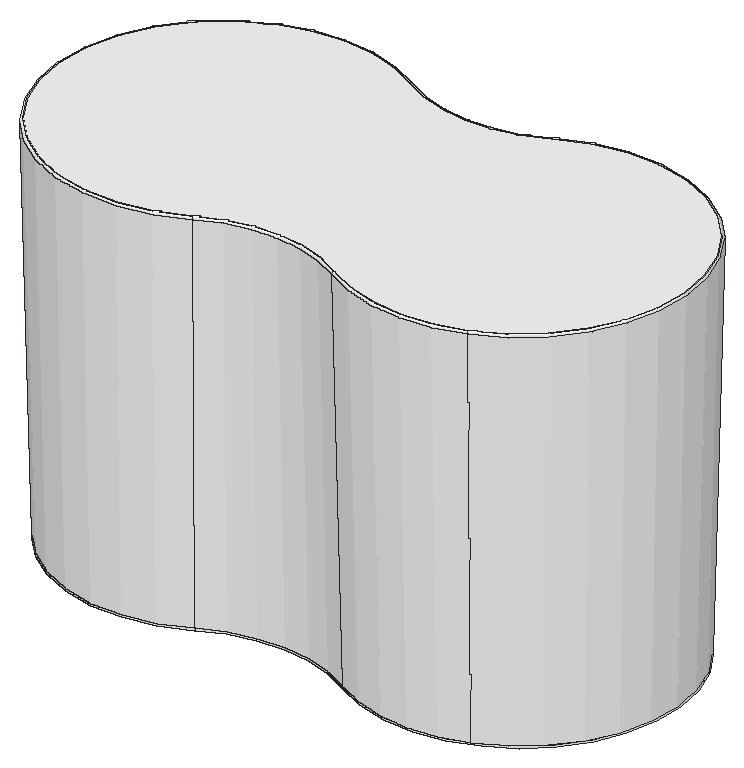
Revit family "INTONO C OUT 3.9", category Lighting Fixtures, host Ceiling, Revit 2020
Family settings
  Host = Ceiling
  Round Connector Dimension = Use Diameter
  Part Type = Normal
  OmniClass Number = 23.80.70.11
  OmniClass Title = Luminaries for Internal Lighting
  Always vertical = Yes
  Cut with Voids When Loaded = No
  Light Source = Yes
  Shared = No
  Room Calculation Point = Yes
Parameters (values of type "INTONO C OUT 3.9 M 20° (3000K CRI90 9W 24Vdc)")
  Wiring = "-"
  Width mm = 85.00 mm
  Weight kg = "1.35 kg"
  Wattage = 5.53379 W
  Vertical rotation max = 0.00°
  URL Technical sheet = "-"
  URL Image = "https://www.lucelight.it/en/prodotto-foto.php/143361"
  URL IES Photometric file = "https://www.lucelight.it/media/prodotti/fotometrie/intono_c_out_3.9_ies.zip"
  URL General code = "https://www.lucelight.it/en/prodotto.php/143361#a-generacodice"
  URL Description = "https://www.lucelight.it/en/capitolato.php/143361"
  URL DXF = "https://www.lucelight.it/media/prodotti/dxf/intono_c_out_3.9.dxf"
  URL Catalogue = "https://www.lucelight.it/media/prodotti/mf_brochure/intono_c_out_brochure_en.pdf"
  URL Accessories and power supply units = "https://www.lucelight.it/en/prodotto.php/143361#a-scheda-accessori"
  URL = "https://www.lucelight.it/en/prodotto.php/143361"
  Trim = L&L_Black glass
  built-in parameter 1150110 = 1 (stored number, unit not read)
  Tilt Angle = -90.00°
  Power supply unit = "not included"
  Power supply = "230Vac"
  Power cables = "-"
  Power = "9W"
  Photometric Web File = "INTONO C OUT 3.9 M 20° [3000K CRI90 9W 24Vdc].IES"
  Optics = "20°"
  Notes = "Version compatible with Google Home or Amazon Echo available on request for voice command control"
  No. and type of led = "1 high power density COB LED, 2-step MacAdam, 50 000h L95 B10 (Ta 25°C)"
  Mounting = "surface mounted (ceiling)"
  Model = "Intono C OUT 3.9"
  Material = "Body in die-cast aluminium, screen in black-serigraphed, tempered, transparent extra-clear glass"
  Manufacturer = "L&L Luce&Light"
  Lumen output at source = "822 lm (3000K, CRI 90), 988 lm (3000K, CRI 80)"
  Lens = L&L_Tempered extra-clear glass
  built-in parameter 1114217 = 1 (stored number, unit not read)
  built-in parameter 1150109 = 1 (stored number, unit not read)
  built-in parameter 1150134 = (empty or 0)
  built-in parameter 1150113 = 1 (stored number, unit not read)
  Lumens = 822 lm
  built-in parameter 1150115 = 1 (stored number, unit not read)
  built-in parameter 1150105 = 65.413 (stored number, unit not read)
  built-in parameter 1150137 = (empty or 0)
  built-in parameter 1150139 = (empty or 0)
  Length mm = 160.00 mm
  built-in parameter 1150112 = 1 (stored number, unit not read)
  built-in parameter 1150114 = 1 (stored number, unit not read)
  LED Colour = "2700K, 3000K, 4000K"
  built-in parameter 1150132 = 2
  built-in parameter 1150102 = (empty or 0)
  built-in parameter 1150138 = (empty or 0)
  built-in parameter 1150107 = 3000 (stored number, unit not read)
  built-in parameter 1150106 = 0.65413 (stored number, unit not read)
  IP = "IP65"
  Horizontal rotation max = 0.00°
  Height mm = 100.00 mm
  Features = "easy installation thanks to 4-point magnetic fastener"
  Energy efficiency class = "A A+ A++"
  Emit from Line Length = 609.60 mm
  built-in parameter 1150104 = 13.8 (stored number, unit not read)
  Dimming Lamp Color Temperature Shift = <None>
  Description = "Ceiling mounted for outdoor applications"
  Delivered lumen output = "649 lm (3000K, 20°, CRI 90), 783 lm (3000K, 20°, CRI 80)"
  Default Elevation = 0.00 mm
  Cutout dimensions = "-"
  Control system = "ON/OFF"
  Contact = "T: +39 0444 360571; E: lucelight@lucelight.it"
  Company = "L&L Luce&Light"
  Color Filter = 16777215
  Code = "-"
  CRI = "CRI 80; CRI >90"
  built-in parameter 1114218 = 1 (stored number, unit not read)
  Body = L&L _Aluminium low copper
  built-in parameter 1150133 = 10 (stored number, unit not read)
Reference planes
  plane 1 "Light Source Axis (F/B)": y = 0
  plane 2 "Ceiling": z = 2438.4
  plane 3 "Light Source Axis (L/R)": x = 0
  plane 4 "Light Source Elevation": z = 2336.8
Dimensions and locks
  equal spacing: host sketch curve, plane 3 "Light Source Axis (L/R)", host sketch curve
  equal spacing: host sketch curve, plane 1 "Light Source Axis (F/B)", host sketch curve
  host sketch curve to host sketch curve = 3048.00 mm  (x2)
  aligned and locked: plane 3 "Light Source Axis (L/R)" to imposter light
  aligned and locked: plane 1 "Light Source Axis (F/B)" to imposter light
  aligned and locked: plane 4 "Light Source Elevation" to imposter light
Nested families
  nested 1: "INTONO C IN 3.9_mod" at (0, 0, 2438.4), type "INTONO C IN 3.9_mod"
Definition of nested family "INTONO C IN 3.9_mod"
  Parameters (values of type "INTONO C IN 3.9_mod")
    Trim = none
    Lens = none
    Default Elevation = 1219.20 mm
    Body = none
    B = none
  Reference planes
    plane 1 "Light Source Axis (F/B)": y = 0
    plane 2: z = 0
    plane 3 "Light Source Axis (L/R)": x = 0
    plane 4 "Light Source Elevation": z = 0
    plane 5: z = 82.5
    plane 6: x = -51.427
    plane 7: x = 51.427
    plane 8: x = 50.013
    plane 9: x = -50.013
    plane 10: z = -100.7
  Forms (mm)
    Sweep 1, solid, material <- "Body", detail levels medium+fine
      path origin (0, 0, 0) x (0, 1, 0) y (-1, 0, 0)
        loop
          arc (36.903, 18.694) -> (42.54, 37.522) -> (39.127, 56.877) r 42.612
          arc (39.127, 56.877) -> (-19.124, 78.08) -> (-36.903, 18.694) r 42.612
          arc (-36.903, 18.694) -> (-31.894, 0) -> (-36.903, -18.694) r 37.388
          arc (-36.903, -18.694) -> (-42.54, -37.522) -> (-39.127, -56.877) r 42.612
          arc (-39.127, -56.877) -> (19.124, -78.08) -> (36.903, -18.694) r 42.612
          arc (36.903, -18.694) -> (31.894, 0) -> (36.903, 18.694) r 37.388
      profile origin (-37.522, 42.54, 0) x (-0.05815, -0.998308, 0) y (0, 0, 1)
        loop
          line (0, -0.593) -> (2.488, -100.2) -> (3.366, -100.2) -> (5.058, -100.2) -> (0.566, -0.001)
          arc (0.566, -0.001) -> (0.164, -0.183) -> (0, -0.593) r 0.593
    Extrusion 2, solid, material <- "Body", detail levels coarse
      sketch origin (67.536, 184.895, -80.493) x (0, 1, 0) y (-1, 0, 0)
        loop
          arc (-147.719, 128.363) -> (-205.962, 144.577) -> (-221.798, 86.23) r 42.612
          arc (-221.798, 86.23) -> (-216.789, 67.536) -> (-221.798, 48.842) r 37.388
          arc (-221.798, 48.842) -> (-227.506, 27.812) -> (-222.071, 6.71) r 42.612
          arc (-222.071, 6.71) -> (-163.828, -9.504) -> (-147.992, 48.842) r 42.612
          arc (-147.992, 48.842) -> (-153.001, 67.536) -> (-147.992, 86.23) r 37.388
          arc (-147.992, 86.23) -> (-142.284, 107.261) -> (-147.719, 128.363) r 42.612
      from -20.207 to 80.493
    Extrusion 3, solid, material <- "Body", detail levels medium+fine
      sketch origin (0, 0, -2) x (0, 1, 0) y (-1, 0, 0)
        loop
          arc (-36.413, 18.977) -> (-31.328, 0) -> (-36.413, -18.977) r 37.954
          arc (-36.413, -18.977) -> (-41.974, -37.555) -> (-38.607, -56.653) r 42.046
          arc (-38.607, -56.653) -> (18.87, -77.573) -> (36.413, -18.977) r 42.046
          arc (36.413, -18.977) -> (31.328, 0) -> (36.413, 18.977) r 37.954
          arc (36.413, 18.977) -> (41.974, 37.555) -> (38.607, 56.653) r 42.046
          arc (38.607, 56.653) -> (-18.87, 77.573) -> (-36.413, 18.977) r 42.046
      from 0 to 2
    Extrusion 4, solid, material <- "Body", detail levels medium+fine
      sketch origin (-25, 0, -100.2) x (0.879138, 0.476568, 0) y (0.476568, -0.879138, 0)
        loop
          arc (90.792, 9.061) -> (78.606, 64.917) -> (22.919, 51.982) r 40.156
          arc (22.919, 51.982) -> (7.949, 37.795) -> (-12.109, 32.993) r 39.844
          arc (-12.109, 32.993) -> (-31.849, 28.408) -> (-46.836, 14.767) r 40.156
          arc (-46.836, 14.767) -> (-34.649, -41.088) -> (21.038, -28.153) r 40.156
          arc (21.038, -28.153) -> (36.008, -13.966) -> (56.066, -9.165) r 39.844
          arc (56.066, -9.165) -> (75.805, -4.58) -> (90.792, 9.061) r 40.156
        loop
          circle (57.144, 30.977) r 36.141
        loop
          circle (-13.187, -7.149) r 36.141
      from 0 to 0.5
    Extrusion 5, solid, material <- "B", detail levels fine
      sketch origin (-25, 0, -100.2) x (0.879138, 0.476568, 0) y (0.476568, -0.879138, 0)
        loop
          circle (-13.187, -7.149) r 36.141
        loop
          circle (57.144, 30.977) r 36.141
        loop
          circle (57.144, 30.977) r 30
        loop
          line (-28.602, 12.386) -> (-29.029, 10.948) -> (-27.591, 10.521) -> (-27.164, 11.959) -> (-28.602, 12.386)
        loop
          line (-24.872, 14.408) -> (-25.299, 12.97) -> (-23.861, 12.543) -> (-23.434, 13.981) -> (-24.872, 14.408)
        loop
          line (-21.143, 16.43) -> (-21.57, 14.992) -> (-20.132, 14.565) -> (-19.705, 16.003) -> (-21.143, 16.43)
        loop
          line (-33.227, 7.5) -> (-33.654, 6.062) -> (-32.216, 5.635) -> (-31.789, 7.073) -> (-33.227, 7.5)
        loop
          line (-29.456, 9.51) -> (-29.883, 8.072) -> (-28.445, 7.645) -> (-28.018, 9.083) -> (-29.456, 9.51)
        loop
          line (-27.434, 5.78) -> (-27.861, 4.342) -> (-26.423, 3.915) -> (-25.996, 5.353) -> (-27.434, 5.78)
        loop
          line (-25.412, 2.05) -> (-25.839, 0.612) -> (-24.401, 0.185) -> (-23.974, 1.623) -> (-25.412, 2.05)
        loop
          line (-23.391, -1.68) -> (-23.817, -3.118) -> (-22.38, -3.545) -> (-21.953, -2.107) -> (-23.391, -1.68)
        loop
          line (-21.369, -5.41) -> (-21.796, -6.848) -> (-20.358, -7.274) -> (-19.931, -5.837) -> (-21.369, -5.41)
        loop
          line (-19.347, -9.139) -> (-19.774, -10.577) -> (-18.336, -11.004) -> (-17.909, -9.566) -> (-19.347, -9.139)
        loop
          line (-17.325, -12.869) -> (-17.752, -14.307) -> (-16.314, -14.734) -> (-15.887, -13.296) -> (-17.325, -12.869)
        loop
          line (-15.303, -16.599) -> (-15.73, -18.037) -> (-14.292, -18.464) -> (-13.865, -17.026) -> (-15.303, -16.599)
        loop
          line (-13.281, -20.329) -> (-13.708, -21.767) -> (-12.27, -22.194) -> (-11.843, -20.756) -> (-13.281, -20.329)
        loop
          line (-11.259, -24.059) -> (-11.686, -25.497) -> (-10.248, -25.924) -> (-9.821, -24.486) -> (-11.259, -24.059)
        loop
          line (-9.237, -27.789) -> (-9.664, -29.227) -> (-8.226, -29.654) -> (-7.799, -28.216) -> (-9.237, -27.789)
        loop
          line (-26.58, 8.656) -> (-27.007, 7.218) -> (-25.569, 6.791) -> (-25.142, 8.229) -> (-26.58, 8.656)
        loop
          line (-24.558, 4.926) -> (-24.985, 3.488) -> (-23.547, 3.061) -> (-23.121, 4.499) -> (-24.558, 4.926)
        loop
          line (-22.537, 1.196) -> (-22.964, -0.242) -> (-21.526, -0.669) -> (-21.099, 0.769) -> (-22.537, 1.196)
        loop
          line (-20.515, -2.534) -> (-20.942, -3.972) -> (-19.504, -4.399) -> (-19.077, -2.961) -> (-20.515, -2.534)
        loop
          line (-18.493, -6.264) -> (-18.92, -7.702) -> (-17.482, -8.129) -> (-17.055, -6.691) -> (-18.493, -6.264)
        loop
          line (-16.471, -9.993) -> (-16.898, -11.431) -> (-15.46, -11.858) -> (-15.033, -10.42) -> (-16.471, -9.993)
        loop
          line (-14.449, -13.723) -> (-14.876, -15.161) -> (-13.438, -15.588) -> (-13.011, -14.15) -> (-14.449, -13.723)
        loop
          line (-12.427, -17.453) -> (-12.854, -18.891) -> (-11.416, -19.318) -> (-10.989, -17.88) -> (-12.427, -17.453)
        loop
          line (-10.405, -21.183) -> (-10.832, -22.621) -> (-9.394, -23.048) -> (-8.967, -21.61) -> (-10.405, -21.183)
        loop
          line (-8.383, -24.913) -> (-8.81, -26.351) -> (-7.372, -26.778) -> (-6.945, -25.34) -> (-8.383, -24.913)
        loop
          line (-23.707, 7.802) -> (-24.134, 6.365) -> (-22.696, 5.938) -> (-22.269, 7.375) -> (-23.707, 7.802)
        loop
          line (-21.685, 4.073) -> (-22.112, 2.635) -> (-20.674, 2.208) -> (-20.247, 3.646) -> (-21.685, 4.073)
        loop
          line (-19.663, 0.343) -> (-20.09, -1.095) -> (-18.652, -1.522) -> (-18.225, -0.084) -> (-19.663, 0.343)
        loop
          line (-17.641, -3.387) -> (-18.068, -4.825) -> (-16.63, -5.252) -> (-16.203, -3.814) -> (-17.641, -3.387)
        loop
          line (-15.619, -7.117) -> (-16.046, -8.555) -> (-14.608, -8.982) -> (-14.181, -7.544) -> (-15.619, -7.117)
        loop
          line (-13.597, -10.847) -> (-14.024, -12.285) -> (-12.586, -12.712) -> (-12.159, -11.274) -> (-13.597, -10.847)
        loop
          line (-11.575, -14.577) -> (-12.002, -16.015) -> (-10.564, -16.442) -> (-10.137, -15.004) -> (-11.575, -14.577)
        loop
          line (-9.553, -18.307) -> (-9.98, -19.745) -> (-8.542, -20.172) -> (-8.115, -18.734) -> (-9.553, -18.307)
        loop
          line (-7.531, -22.036) -> (-7.958, -23.474) -> (-6.52, -23.901) -> (-6.093, -22.463) -> (-7.531, -22.036)
        loop
          line (-5.509, -25.766) -> (-5.936, -27.204) -> (-4.498, -27.631) -> (-4.071, -26.193) -> (-5.509, -25.766)
        loop
          line (-22.847, 10.698) -> (-23.274, 9.26) -> (-21.836, 8.833) -> (-21.409, 10.271) -> (-22.847, 10.698)
        loop
          line (-20.825, 6.968) -> (-21.252, 5.53) -> (-19.814, 5.103) -> (-19.387, 6.541) -> (-20.825, 6.968)
        loop
          line (-18.803, 3.238) -> (-19.23, 1.8) -> (-17.792, 1.373) -> (-17.365, 2.811) -> (-18.803, 3.238)
        loop
          line (-16.781, -0.492) -> (-17.208, -1.93) -> (-15.77, -2.357) -> (-15.343, -0.919) -> (-16.781, -0.492)
        loop
          line (-14.759, -4.221) -> (-15.186, -5.659) -> (-13.748, -6.086) -> (-13.321, -4.648) -> (-14.759, -4.221)
        loop
          line (-12.737, -7.951) -> (-13.164, -9.389) -> (-11.726, -9.816) -> (-11.299, -8.378) -> (-12.737, -7.951)
        loop
          line (-10.715, -11.681) -> (-11.142, -13.119) -> (-9.704, -13.546) -> (-9.277, -12.108) -> (-10.715, -11.681)
        loop
          line (-8.693, -15.411) -> (-9.12, -16.849) -> (-7.682, -17.276) -> (-7.255, -15.838) -> (-8.693, -15.411)
        loop
          line (-6.671, -19.141) -> (-7.098, -20.579) -> (-5.661, -21.006) -> (-5.234, -19.568) -> (-6.671, -19.141)
        loop
          line (-4.65, -22.871) -> (-5.077, -24.309) -> (-3.639, -24.736) -> (-3.212, -23.298) -> (-4.65, -22.871)
        loop
          line (-19.948, 9.837) -> (-20.375, 8.399) -> (-18.937, 7.972) -> (-18.51, 9.41) -> (-19.948, 9.837)
        loop
          line (-17.926, 6.107) -> (-18.353, 4.67) -> (-16.915, 4.243) -> (-16.488, 5.68) -> (-17.926, 6.107)
        loop
          line (-15.905, 2.378) -> (-16.332, 0.94) -> (-14.894, 0.513) -> (-14.467, 1.951) -> (-15.905, 2.378)
        loop
          line (-13.883, -1.352) -> (-14.31, -2.79) -> (-12.872, -3.217) -> (-12.445, -1.779) -> (-13.883, -1.352)
        loop
          line (-11.861, -5.082) -> (-12.288, -6.52) -> (-10.85, -6.947) -> (-10.423, -5.509) -> (-11.861, -5.082)
        loop
          line (-9.839, -8.812) -> (-10.266, -10.25) -> (-8.828, -10.677) -> (-8.401, -9.239) -> (-9.839, -8.812)
        loop
          line (-7.817, -12.542) -> (-8.244, -13.98) -> (-6.806, -14.407) -> (-6.379, -12.969) -> (-7.817, -12.542)
        loop
          line (-5.795, -16.272) -> (-6.222, -17.71) -> (-4.784, -18.137) -> (-4.357, -16.699) -> (-5.795, -16.272)
        loop
          line (-3.773, -20.002) -> (-4.2, -21.44) -> (-2.762, -21.867) -> (-2.335, -20.429) -> (-3.773, -20.002)
        loop
          line (-1.751, -23.731) -> (-2.178, -25.169) -> (-0.74, -25.596) -> (-0.313, -24.158) -> (-1.751, -23.731)
        loop
          line (-19.1, 12.693) -> (-19.527, 11.256) -> (-18.089, 10.829) -> (-17.662, 12.266) -> (-19.1, 12.693)
        loop
          line (-17.078, 8.964) -> (-17.505, 7.526) -> (-16.067, 7.099) -> (-15.64, 8.537) -> (-17.078, 8.964)
        loop
          line (-15.056, 5.234) -> (-15.483, 3.796) -> (-14.045, 3.369) -> (-13.618, 4.807) -> (-15.056, 5.234)
        loop
          line (-13.034, 1.504) -> (-13.461, 0.066) -> (-12.024, -0.361) -> (-11.597, 1.077) -> (-13.034, 1.504)
        loop
          line (-11.013, -2.226) -> (-11.44, -3.664) -> (-10.002, -4.091) -> (-9.575, -2.653) -> (-11.013, -2.226)
        loop
          line (-8.991, -5.956) -> (-9.418, -7.394) -> (-7.98, -7.821) -> (-7.553, -6.383) -> (-8.991, -5.956)
        loop
          line (-6.969, -9.686) -> (-7.396, -11.124) -> (-5.958, -11.551) -> (-5.531, -10.113) -> (-6.969, -9.686)
        loop
          line (-4.947, -13.416) -> (-5.374, -14.854) -> (-3.936, -15.281) -> (-3.509, -13.843) -> (-4.947, -13.416)
        loop
          line (-2.925, -17.145) -> (-3.352, -18.583) -> (-1.914, -19.01) -> (-1.487, -17.572) -> (-2.925, -17.145)
        loop
          line (-0.903, -20.875) -> (-1.33, -22.313) -> (0.108, -22.74) -> (0.535, -21.302) -> (-0.903, -20.875)
        loop
          line (-15.397, 14.701) -> (-15.824, 13.263) -> (-14.386, 12.836) -> (-13.959, 14.274) -> (-15.397, 14.701)
        loop
          line (-13.375, 10.971) -> (-13.802, 9.533) -> (-12.364, 9.106) -> (-11.937, 10.544) -> (-13.375, 10.971)
        loop
          line (-11.353, 7.241) -> (-11.78, 5.803) -> (-10.342, 5.376) -> (-9.915, 6.814) -> (-11.353, 7.241)
        loop
          line (-9.331, 3.511) -> (-9.758, 2.073) -> (-8.32, 1.646) -> (-7.893, 3.084) -> (-9.331, 3.511)
        loop
          line (-7.309, -0.218) -> (-7.736, -1.656) -> (-6.298, -2.083) -> (-5.871, -0.645) -> (-7.309, -0.218)
        loop
          line (-5.287, -3.948) -> (-5.714, -5.386) -> (-4.276, -5.813) -> (-3.849, -4.375) -> (-5.287, -3.948)
        loop
          line (-3.265, -7.678) -> (-3.692, -9.116) -> (-2.254, -9.543) -> (-1.827, -8.105) -> (-3.265, -7.678)
        loop
          line (-1.244, -11.408) -> (-1.671, -12.846) -> (-0.233, -13.273) -> (0.194, -11.835) -> (-1.244, -11.408)
        loop
          line (0.778, -15.138) -> (0.351, -16.576) -> (1.789, -17.003) -> (2.216, -15.565) -> (0.778, -15.138)
        loop
          line (2.8, -18.868) -> (2.373, -20.306) -> (3.811, -20.733) -> (4.238, -19.295) -> (2.8, -18.868)
        loop
          line (-14.536, 17.6) -> (-14.963, 16.162) -> (-13.525, 15.735) -> (-13.098, 17.173) -> (-14.536, 17.6)
        loop
          line (-12.514, 13.87) -> (-12.941, 12.432) -> (-11.503, 12.005) -> (-11.076, 13.443) -> (-12.514, 13.87)
        loop
          line (-10.492, 10.14) -> (-10.919, 8.702) -> (-9.481, 8.275) -> (-9.054, 9.713) -> (-10.492, 10.14)
        loop
          line (-8.47, 6.41) -> (-8.897, 4.972) -> (-7.459, 4.545) -> (-7.033, 5.983) -> (-8.47, 6.41)
        loop
          line (-6.449, 2.68) -> (-6.876, 1.242) -> (-5.438, 0.815) -> (-5.011, 2.253) -> (-6.449, 2.68)
        loop
          line (-4.427, -1.05) -> (-4.854, -2.488) -> (-3.416, -2.915) -> (-2.989, -1.477) -> (-4.427, -1.05)
        loop
          line (-2.405, -4.78) -> (-2.832, -6.218) -> (-1.394, -6.645) -> (-0.967, -5.207) -> (-2.405, -4.78)
        loop
          line (-0.383, -8.51) -> (-0.81, -9.947) -> (0.628, -10.374) -> (1.055, -8.937) -> (-0.383, -8.51)
        loop
          line (1.639, -12.239) -> (1.212, -13.677) -> (2.65, -14.104) -> (3.077, -12.666) -> (1.639, -12.239)
        loop
          line (3.661, -15.969) -> (3.234, -17.407) -> (4.672, -17.834) -> (5.099, -16.396) -> (3.661, -15.969)
        loop
          line (-11.662, 16.739) -> (-12.089, 15.301) -> (-10.651, 14.874) -> (-10.224, 16.312) -> (-11.662, 16.739)
        loop
          line (-9.64, 13.009) -> (-10.067, 11.571) -> (-8.629, 11.144) -> (-8.202, 12.582) -> (-9.64, 13.009)
        loop
          line (-7.618, 9.279) -> (-8.045, 7.842) -> (-6.607, 7.415) -> (-6.18, 8.853) -> (-7.618, 9.279)
        loop
          line (-5.596, 5.55) -> (-6.023, 4.112) -> (-4.585, 3.685) -> (-4.158, 5.123) -> (-5.596, 5.55)
        loop
          line (-3.575, 1.82) -> (-4.002, 0.382) -> (-2.564, -0.045) -> (-2.137, 1.393) -> (-3.575, 1.82)
        loop
          line (-1.553, -1.91) -> (-1.98, -3.348) -> (-0.542, -3.775) -> (-0.115, -2.337) -> (-1.553, -1.91)
        loop
          line (0.469, -5.64) -> (0.042, -7.078) -> (1.48, -7.505) -> (1.907, -6.067) -> (0.469, -5.64)
        loop
          line (2.491, -9.37) -> (2.064, -10.808) -> (3.502, -11.235) -> (3.929, -9.797) -> (2.491, -9.37)
        loop
          line (4.513, -13.1) -> (4.086, -14.538) -> (5.524, -14.965) -> (5.951, -13.527) -> (4.513, -13.1)
        loop
          line (-8.78, 15.883) -> (-9.207, 14.445) -> (-7.769, 14.018) -> (-7.342, 15.456) -> (-8.78, 15.883)
        loop
          line (-6.758, 12.154) -> (-7.185, 10.716) -> (-5.747, 10.289) -> (-5.32, 11.727) -> (-6.758, 12.154)
        loop
          line (-4.736, 8.424) -> (-5.163, 6.986) -> (-3.725, 6.559) -> (-3.298, 7.997) -> (-4.736, 8.424)
        loop
          line (-2.714, 4.694) -> (-3.141, 3.256) -> (-1.703, 2.829) -> (-1.276, 4.267) -> (-2.714, 4.694)
        loop
          line (-0.692, 0.964) -> (-1.119, -0.474) -> (0.319, -0.901) -> (0.746, 0.537) -> (-0.692, 0.964)
        loop
          line (1.33, -2.766) -> (0.903, -4.204) -> (2.34, -4.631) -> (2.767, -3.193) -> (1.33, -2.766)
        loop
          line (3.351, -6.496) -> (2.924, -7.934) -> (4.362, -8.361) -> (4.789, -6.923) -> (3.351, -6.496)
        loop
          line (5.373, -10.226) -> (4.946, -11.664) -> (6.384, -12.091) -> (6.811, -10.653) -> (5.373, -10.226)
        loop
          line (7.395, -13.956) -> (6.968, -15.393) -> (8.406, -15.82) -> (8.833, -14.383) -> (7.395, -13.956)
        loop
          line (-18.249, 15.561) -> (-18.676, 14.123) -> (-17.238, 13.697) -> (-16.811, 15.134) -> (-18.249, 15.561)
        loop
          line (-16.227, 11.832) -> (-16.654, 10.394) -> (-15.216, 9.967) -> (-14.789, 11.405) -> (-16.227, 11.832)
        loop
          line (-14.205, 8.102) -> (-14.632, 6.664) -> (-13.194, 6.237) -> (-12.767, 7.675) -> (-14.205, 8.102)
        loop
          line (-12.183, 4.372) -> (-12.61, 2.934) -> (-11.172, 2.507) -> (-10.745, 3.945) -> (-12.183, 4.372)
        loop
          line (-10.161, 0.642) -> (-10.588, -0.796) -> (-9.15, -1.223) -> (-8.723, 0.215) -> (-10.161, 0.642)
        loop
          line (-8.139, -3.088) -> (-8.566, -4.526) -> (-7.128, -4.953) -> (-6.701, -3.515) -> (-8.139, -3.088)
        loop
          line (-6.117, -6.818) -> (-6.544, -8.256) -> (-5.106, -8.683) -> (-4.679, -7.245) -> (-6.117, -6.818)
        loop
          line (-4.095, -10.548) -> (-4.522, -11.986) -> (-3.084, -12.413) -> (-2.657, -10.975) -> (-4.095, -10.548)
        loop
          line (-2.073, -14.277) -> (-2.5, -15.715) -> (-1.062, -16.142) -> (-0.635, -14.704) -> (-2.073, -14.277)
        loop
          line (-0.051, -18.007) -> (-0.478, -19.445) -> (0.96, -19.872) -> (1.387, -18.434) -> (-0.051, -18.007)
        loop
          line (-30.31, 6.634) -> (-30.737, 5.196) -> (-29.299, 4.769) -> (-28.872, 6.207) -> (-30.31, 6.634)
        loop
          line (-28.288, 2.904) -> (-28.715, 1.466) -> (-27.277, 1.039) -> (-26.85, 2.477) -> (-28.288, 2.904)
        loop
          line (-26.266, -0.826) -> (-26.693, -2.264) -> (-25.255, -2.691) -> (-24.828, -1.253) -> (-26.266, -0.826)
        loop
          line (-24.244, -4.556) -> (-24.671, -5.994) -> (-23.234, -6.421) -> (-22.807, -4.983) -> (-24.244, -4.556)
        loop
          line (-22.223, -8.285) -> (-22.65, -9.723) -> (-21.212, -10.15) -> (-20.785, -8.712) -> (-22.223, -8.285)
        loop
          line (-20.201, -12.015) -> (-20.628, -13.453) -> (-19.19, -13.88) -> (-18.763, -12.442) -> (-20.201, -12.015)
        loop
          line (-18.179, -15.745) -> (-18.606, -17.183) -> (-17.168, -17.61) -> (-16.741, -16.172) -> (-18.179, -15.745)
        loop
          line (-16.157, -19.475) -> (-16.584, -20.913) -> (-15.146, -21.34) -> (-14.719, -19.902) -> (-16.157, -19.475)
        loop
          line (-14.135, -23.205) -> (-14.562, -24.643) -> (-13.124, -25.07) -> (-12.697, -23.632) -> (-14.135, -23.205)
        loop
          line (-12.113, -26.935) -> (-12.54, -28.373) -> (-11.102, -28.8) -> (-10.675, -27.362) -> (-12.113, -26.935)
        loop
          line (-31.136, 3.75) -> (-31.563, 2.312) -> (-30.125, 1.885) -> (-29.698, 3.323) -> (-31.136, 3.75)
        loop
          line (-29.114, 0.02) -> (-29.541, -1.418) -> (-28.103, -1.845) -> (-27.676, -0.407) -> (-29.114, 0.02)
        loop
          line (-27.093, -3.71) -> (-27.52, -5.148) -> (-26.082, -5.575) -> (-25.655, -4.137) -> (-27.093, -3.71)
        loop
          line (-25.071, -7.44) -> (-25.498, -8.878) -> (-24.06, -9.305) -> (-23.633, -7.867) -> (-25.071, -7.44)
        loop
          line (-23.049, -11.17) -> (-23.476, -12.608) -> (-22.038, -13.035) -> (-21.611, -11.597) -> (-23.049, -11.17)
        loop
          line (-21.027, -14.899) -> (-21.454, -16.337) -> (-20.016, -16.764) -> (-19.589, -15.326) -> (-21.027, -14.899)
        loop
          line (-19.005, -18.629) -> (-19.432, -20.067) -> (-17.994, -20.494) -> (-17.567, -19.056) -> (-19.005, -18.629)
        loop
          line (-16.983, -22.359) -> (-17.41, -23.797) -> (-15.972, -24.224) -> (-15.545, -22.786) -> (-16.983, -22.359)
        loop
          line (-14.961, -26.089) -> (-15.388, -27.527) -> (-13.95, -27.954) -> (-13.523, -26.516) -> (-14.961, -26.089)
        loop
          line (-34.024, 4.564) -> (-34.451, 3.126) -> (-33.013, 2.699) -> (-32.586, 4.137) -> (-34.024, 4.564)
        loop
          line (-32.002, 0.834) -> (-32.429, -0.604) -> (-30.991, -1.031) -> (-30.564, 0.407) -> (-32.002, 0.834)
        loop
          line (-29.98, -2.896) -> (-30.407, -4.334) -> (-28.969, -4.761) -> (-28.542, -3.323) -> (-29.98, -2.896)
        loop
          line (-27.958, -6.626) -> (-28.385, -8.064) -> (-26.947, -8.491) -> (-26.52, -7.053) -> (-27.958, -6.626)
        loop
          line (-25.936, -10.355) -> (-26.363, -11.793) -> (-24.925, -12.22) -> (-24.498, -10.782) -> (-25.936, -10.355)
        loop
          line (-23.915, -14.085) -> (-24.342, -15.523) -> (-22.904, -15.95) -> (-22.477, -14.512) -> (-23.915, -14.085)
        loop
          line (-21.893, -17.815) -> (-22.32, -19.253) -> (-20.882, -19.68) -> (-20.455, -18.242) -> (-21.893, -17.815)
        loop
          line (-19.871, -21.545) -> (-20.298, -22.983) -> (-18.86, -23.41) -> (-18.433, -21.972) -> (-19.871, -21.545)
        loop
          line (-17.849, -25.275) -> (-18.276, -26.713) -> (-16.838, -27.14) -> (-16.411, -25.702) -> (-17.849, -25.275)
        loop
          line (-15.827, -29.005) -> (-16.254, -30.443) -> (-14.816, -30.87) -> (-14.389, -29.432) -> (-15.827, -29.005)
        loop
          line (-34.877, 1.688) -> (-35.304, 0.25) -> (-33.866, -0.177) -> (-33.439, 1.261) -> (-34.877, 1.688)
        loop
          line (-32.855, -2.042) -> (-33.282, -3.48) -> (-31.844, -3.907) -> (-31.417, -2.469) -> (-32.855, -2.042)
        loop
          line (-30.833, -5.772) -> (-31.26, -7.21) -> (-29.822, -7.637) -> (-29.395, -6.199) -> (-30.833, -5.772)
        loop
          line (-28.811, -9.502) -> (-29.238, -10.94) -> (-27.801, -11.367) -> (-27.374, -9.929) -> (-28.811, -9.502)
        loop
          line (-26.79, -13.232) -> (-27.217, -14.67) -> (-25.779, -15.096) -> (-25.352, -13.659) -> (-26.79, -13.232)
        loop
          line (-24.768, -16.961) -> (-25.195, -18.399) -> (-23.757, -18.826) -> (-23.33, -17.388) -> (-24.768, -16.961)
        loop
          line (-22.746, -20.691) -> (-23.173, -22.129) -> (-21.735, -22.556) -> (-21.308, -21.118) -> (-22.746, -20.691)
        loop
          line (-20.724, -24.421) -> (-21.151, -25.859) -> (-19.713, -26.286) -> (-19.286, -24.848) -> (-20.724, -24.421)
        loop
          line (-18.702, -28.151) -> (-19.129, -29.589) -> (-17.691, -30.016) -> (-17.264, -28.578) -> (-18.702, -28.151)
        loop
          line (-35.731, -1.188) -> (-36.158, -2.626) -> (-34.72, -3.053) -> (-34.293, -1.615) -> (-35.731, -1.188)
        loop
          line (-33.709, -4.918) -> (-34.136, -6.356) -> (-32.698, -6.783) -> (-32.271, -5.345) -> (-33.709, -4.918)
        loop
          line (-31.687, -8.648) -> (-32.114, -10.086) -> (-30.676, -10.513) -> (-30.249, -9.075) -> (-31.687, -8.648)
        loop
          line (-29.665, -12.378) -> (-30.092, -13.816) -> (-28.655, -14.243) -> (-28.228, -12.805) -> (-29.665, -12.378)
        loop
          line (-27.644, -16.107) -> (-28.071, -17.545) -> (-26.633, -17.972) -> (-26.206, -16.534) -> (-27.644, -16.107)
        loop
          line (-25.622, -19.837) -> (-26.049, -21.275) -> (-24.611, -21.702) -> (-24.184, -20.264) -> (-25.622, -19.837)
        loop
          line (-23.6, -23.567) -> (-24.027, -25.005) -> (-22.589, -25.432) -> (-22.162, -23.994) -> (-23.6, -23.567)
        loop
          line (-21.578, -27.297) -> (-22.005, -28.735) -> (-20.567, -29.162) -> (-20.14, -27.724) -> (-21.578, -27.297)
        loop
          line (-36.628, -4.051) -> (-37.055, -5.489) -> (-35.617, -5.916) -> (-35.19, -4.478) -> (-36.628, -4.051)
        loop
          line (-34.606, -7.781) -> (-35.033, -9.219) -> (-33.595, -9.646) -> (-33.168, -8.208) -> (-34.606, -7.781)
        loop
          line (-32.584, -11.511) -> (-33.011, -12.949) -> (-31.573, -13.376) -> (-31.146, -11.938) -> (-32.584, -11.511)
        loop
          line (-30.562, -15.241) -> (-30.989, -16.679) -> (-29.551, -17.106) -> (-29.124, -15.668) -> (-30.562, -15.241)
        loop
          line (-28.54, -18.971) -> (-28.967, -20.409) -> (-27.529, -20.836) -> (-27.102, -19.398) -> (-28.54, -18.971)
        loop
          line (-26.518, -22.7) -> (-26.945, -24.138) -> (-25.507, -24.565) -> (-25.08, -23.127) -> (-26.518, -22.7)
        loop
          line (-24.497, -26.43) -> (-24.924, -27.868) -> (-23.486, -28.295) -> (-23.059, -26.857) -> (-24.497, -26.43)
        loop
          line (-37.449, -6.937) -> (-37.876, -8.375) -> (-36.438, -8.802) -> (-36.011, -7.364) -> (-37.449, -6.937)
        loop
          line (-35.427, -10.667) -> (-35.854, -12.105) -> (-34.416, -12.532) -> (-33.989, -11.094) -> (-35.427, -10.667)
        loop
          line (-33.406, -14.396) -> (-33.833, -15.834) -> (-32.395, -16.261) -> (-31.968, -14.823) -> (-33.406, -14.396)
        loop
          line (-31.384, -18.126) -> (-31.811, -19.564) -> (-30.373, -19.991) -> (-29.946, -18.553) -> (-31.384, -18.126)
        loop
          line (-29.362, -21.856) -> (-29.789, -23.294) -> (-28.351, -23.721) -> (-27.924, -22.283) -> (-29.362, -21.856)
        loop
          line (-27.34, -25.586) -> (-27.767, -27.024) -> (-26.329, -27.451) -> (-25.902, -26.013) -> (-27.34, -25.586)
        loop
          line (-36.264, -13.485) -> (-36.691, -14.923) -> (-35.253, -15.35) -> (-34.826, -13.912) -> (-36.264, -13.485)
        loop
          line (-34.242, -17.215) -> (-34.669, -18.653) -> (-33.231, -19.08) -> (-32.804, -17.642) -> (-34.242, -17.215)
        loop
          line (-32.221, -20.945) -> (-32.648, -22.383) -> (-31.21, -22.81) -> (-30.783, -21.372) -> (-32.221, -20.945)
        loop
          line (-5.912, 15.032) -> (-6.339, 13.594) -> (-4.901, 13.167) -> (-4.474, 14.605) -> (-5.912, 15.032)
        loop
          line (-3.89, 11.302) -> (-4.317, 9.864) -> (-2.879, 9.437) -> (-2.452, 10.875) -> (-3.89, 11.302)
        loop
          line (-1.868, 7.572) -> (-2.295, 6.134) -> (-0.857, 5.707) -> (-0.43, 7.145) -> (-1.868, 7.572)
        loop
          line (0.154, 3.842) -> (-0.273, 2.404) -> (1.164, 1.977) -> (1.591, 3.415) -> (0.154, 3.842)
        loop
          line (2.175, 0.112) -> (1.748, -1.326) -> (3.186, -1.753) -> (3.613, -0.315) -> (2.175, 0.112)
        loop
          line (4.197, -3.618) -> (3.77, -5.055) -> (5.208, -5.482) -> (5.635, -4.045) -> (4.197, -3.618)
        loop
          line (6.219, -7.347) -> (5.792, -8.785) -> (7.23, -9.212) -> (7.657, -7.774) -> (6.219, -7.347)
        loop
          line (8.241, -11.077) -> (7.814, -12.515) -> (9.252, -12.942) -> (9.679, -11.504) -> (8.241, -11.077)
        loop
          line (-3.035, 14.181) -> (-3.462, 12.743) -> (-2.024, 12.316) -> (-1.597, 13.754) -> (-3.035, 14.181)
        loop
          line (-1.013, 10.451) -> (-1.44, 9.013) -> (-0.002, 8.586) -> (0.425, 10.024) -> (-1.013, 10.451)
        loop
          line (1.009, 6.721) -> (0.582, 5.284) -> (2.019, 4.857) -> (2.446, 6.295) -> (1.009, 6.721)
        loop
          line (3.03, 2.992) -> (2.603, 1.554) -> (4.041, 1.127) -> (4.468, 2.565) -> (3.03, 2.992)
        loop
          line (5.052, -0.738) -> (4.625, -2.176) -> (6.063, -2.603) -> (6.49, -1.165) -> (5.052, -0.738)
        loop
          line (7.074, -4.468) -> (6.647, -5.906) -> (8.085, -6.333) -> (8.512, -4.895) -> (7.074, -4.468)
        loop
          line (9.096, -8.198) -> (8.669, -9.636) -> (10.107, -10.063) -> (10.534, -8.625) -> (9.096, -8.198)
        loop
          line (-0.159, 13.327) -> (-0.586, 11.889) -> (0.852, 11.462) -> (1.279, 12.9) -> (-0.159, 13.327)
        loop
          line (1.863, 9.597) -> (1.436, 8.159) -> (2.873, 7.732) -> (3.3, 9.17) -> (1.863, 9.597)
        loop
          line (3.884, 5.868) -> (3.457, 4.43) -> (4.895, 4.003) -> (5.322, 5.441) -> (3.884, 5.868)
        loop
          line (5.906, 2.138) -> (5.479, 0.7) -> (6.917, 0.273) -> (7.344, 1.711) -> (5.906, 2.138)
        loop
          line (7.928, -1.592) -> (7.501, -3.03) -> (8.939, -3.457) -> (9.366, -2.019) -> (7.928, -1.592)
        loop
          line (9.95, -5.322) -> (9.523, -6.76) -> (10.961, -7.187) -> (11.388, -5.749) -> (9.95, -5.322)
        loop
          line (4.738, 8.743) -> (4.311, 7.305) -> (5.749, 6.878) -> (6.176, 8.316) -> (4.738, 8.743)
        loop
          line (6.76, 5.014) -> (6.333, 3.576) -> (7.771, 3.149) -> (8.198, 4.587) -> (6.76, 5.014)
        loop
          line (8.782, 1.284) -> (8.355, -0.154) -> (9.793, -0.581) -> (10.22, 0.857) -> (8.782, 1.284)
        loop
          line (-25.726, 11.532) -> (-26.153, 10.094) -> (-24.715, 9.667) -> (-24.288, 11.105) -> (-25.726, 11.532)
        loop
          line (-21.996, 13.554) -> (-22.423, 12.116) -> (-20.986, 11.689) -> (-20.559, 13.127) -> (-21.996, 13.554)
      from -2.5 to -1.5
    Extrusion 6, solid, material <- "Body", detail levels medium+fine
      sketch origin (-25, 0, -100.2) x (0.879138, 0.476568, 0) y (0.476568, -0.879138, 0)
        loop
          circle (57.144, 30.977) r 36.141
        loop
          circle (-13.187, -7.149) r 36.141
        loop
          circle (57.144, 30.977) r 37.381
        loop
          circle (-13.187, -7.149) r 37.381
      from -2.5 to 0
    Extrusion 7, solid, material <- "Lens", detail levels medium
      sketch origin (-25, 0, -100.2) x (0.879138, 0.476568, 0) y (0.476568, -0.879138, 0)
        loop
          circle (57.144, 30.977) r 36.141
      from -2.5 to -1.5
    Extrusion 8, solid, material <- "Lens", detail levels fine
      sketch origin (-25, 0, -100.2) x (0.879138, 0.476568, 0) y (0.476568, -0.879138, 0)
        loop
          circle (57.144, 30.977) r 30
      from -2.5 to -1.5
    Sweep 9, solid, material <- "Body", detail levels medium+fine
      path origin (0, 0, 0) x (0, 1, 0) y (-1, 0, 0)
        loop
          circle (0, 40) r 40.026
      profile origin (-40, 40.026, 0) x (0, 1, 0) y (0, 0, 1)
        loop
          line (-1.273, -84.106) -> (-1.358, -72.266) -> (-14.281, -72.266) -> (-14.281, -80.671) -> (-4.841, -84.106) -> (-1.273, -84.106)
    Extrusion 10, solid, material <- "Lens", detail levels fine
      sketch origin (-25, 0, -81.916) x (0.879138, 0.476568, 0) y (0.476568, -0.879138, 0)
        loop
          circle (57.144, 30.977) r 25.745
        loop
          circle (-13.187, -7.149) r 25.745
      from -2.5 to -1.5
    Extrusion 11, solid, material <- "B", detail levels medium
      sketch origin (-25, 0, -100.2) x (0.879138, 0.476568, 0) y (0.476568, -0.879138, 0)
        loop
          circle (-13.187, -7.149) r 36.141
      from -2.5 to -1.5
    Extrusion 12, solid, material <- "B", detail levels fine
      sketch origin (-25, 0, -100.2) x (0.879138, 0.476568, 0) y (-0.476568, 0.879138, 0)
        loop
          circle (-41.047, -1.216) r 2.35
      from 2 to 1
    Extrusion 13, solid, material <- "B", detail levels fine
      sketch origin (-25, 0, -100.2) x (0.879138, 0.476568, 0) y (-0.476568, 0.879138, 0)
        loop
          line (-41.229, -0.602) -> (-41.93, -0.222) -> (-42.362, -1.019) -> (-41.661, -1.399) -> (-42.041, -2.099) -> (-41.244, -2.531) -> (-40.864, -1.83) -> (-40.164, -2.21) -> (-39.732, -1.413) -> (-40.432, -1.034) -> (-40.053, -0.333) -> (-40.849, 0.099) -> (-41.229, -0.602)
      from 0 to 1
    Extrusion 14, solid, material <- "B", detail levels fine
      sketch origin (16.014, 0, -100.2) x (0.879138, 0.476568, 0) y (-0.476568, 0.879138, 0)
        loop
          circle (-41.047, -1.216) r 2.35
      from 2 to 1
    Extrusion 15, solid, material <- "B", detail levels fine
      sketch origin (16.014, 0, -100.2) x (0.879138, 0.476568, 0) y (-0.476568, 0.879138, 0)
        loop
          line (-41.229, -0.602) -> (-41.93, -0.222) -> (-42.362, -1.019) -> (-41.661, -1.399) -> (-42.041, -2.099) -> (-41.244, -2.531) -> (-40.864, -1.83) -> (-40.164, -2.21) -> (-39.732, -1.413) -> (-40.432, -1.034) -> (-40.053, -0.333) -> (-40.849, 0.099) -> (-41.229, -0.602)
      from 0 to 1
    Extrusion 16, solid, material <- "B", detail levels fine
      sketch origin (-25, -0.234, -100.2) x (-0.879138, 0.476568, 0) y (-0.476568, -0.879138, 0)
        loop
          circle (41.047, -1.216) r 2.35
      from 2 to 1
    Extrusion 17, solid, material <- "B", detail levels fine
      sketch origin (-25, -0.234, -100.2) x (-0.879138, 0.476568, 0) y (-0.476568, -0.879138, 0)
        loop
          line (41.229, -0.602) -> (40.849, 0.099) -> (40.053, -0.333) -> (40.432, -1.034) -> (39.732, -1.413) -> (40.164, -2.21) -> (40.864, -1.83) -> (41.244, -2.531) -> (42.041, -2.099) -> (41.661, -1.399) -> (42.362, -1.019) -> (41.93, -0.222) -> (41.229, -0.602)
      from 0 to 1
    Extrusion 18, solid, material <- "B", detail levels fine
      sketch origin (16.014, -0.234, -100.2) x (-0.879138, 0.476568, 0) y (-0.476568, -0.879138, 0)
        loop
          circle (41.047, -1.216) r 2.35
      from 2 to 1
    Extrusion 19, solid, material <- "B", detail levels fine
      sketch origin (16.014, -0.234, -100.2) x (-0.879138, 0.476568, 0) y (-0.476568, -0.879138, 0)
        loop
          line (41.229, -0.602) -> (40.849, 0.099) -> (40.053, -0.333) -> (40.432, -1.034) -> (39.732, -1.413) -> (40.164, -2.21) -> (40.864, -1.83) -> (41.244, -2.531) -> (42.041, -2.099) -> (41.661, -1.399) -> (42.362, -1.019) -> (41.93, -0.222) -> (41.229, -0.602)
      from 0 to 1
    Sweep 20, solid, material <- "Body", detail levels medium+fine
      path origin (0, 0, 0) x (0, -1, 0) y (1, 0, 0)
        loop
          circle (0, 40) r 40.026
      profile origin (40, 40.026, 0) x (0, -1, 0) y (0, 0, 1)
        loop
          line (1.273, -84.106) -> (4.841, -84.106) -> (14.281, -80.671) -> (14.281, -72.266) -> (1.358, -72.266) -> (1.273, -84.106)
  Dimensions and locks
    aligned and locked: level to plane 2
